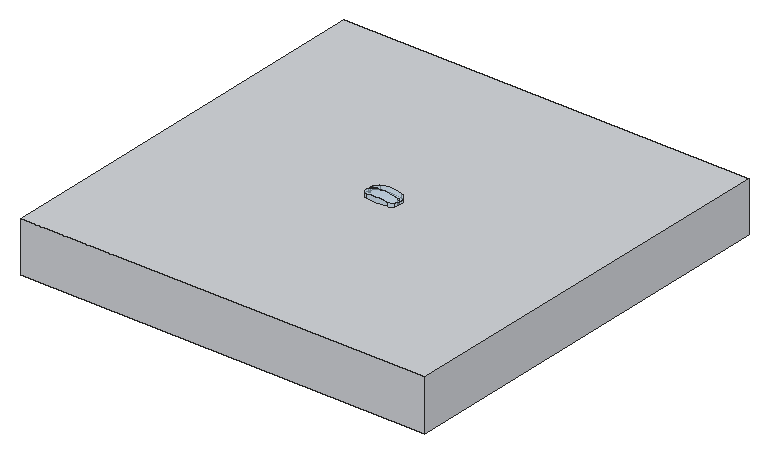
Revit family "GALAD Блистер LED", category Осветительные приборы, Revit 2018 (continued)
Types (3, lengths in mm): name | Файл фотометрической сетки | built-in parameter 1150142 | Материал рассеивателя | Материал корпуса | URL | IP | ADSK_Наименование краткое | ADSK_Наименование | ADSK_Марка | ADSK_Код изделия
    3.52 3.24 2.96 2.82 2.54 2.40 2.25 2.11 1.97 1.83 1.69 1.55 1.69 2.11 2.54 3.10 3.66 3.95 3.95 3.95 3.80 3.66 3.38 1.27 0.14 \r\n287.28 287.14 287.14 285.45 283.34 280.66 277.00 273.05 268.55 263.33 257.98 251.64 244.59 237.41 229.94 221.77 213.17 203.88 194.58 184.43 174.01 163.72 153.01 141.32 129.76 118.63 106.94 95.25 83.97 72.84 62.28 52.55 43.96 36.07 29.02 22.97 17.75 13.24 9.02 7.61 6.48 5.78 5.35 5.07 4.79 4.65 4.37 3.95 3.10 2.68 2.54 2.40 2.25 2.11 1.97 1.83 1.69 1.69 1.55 1.41 1.55 1.97 2.54 3.10 3.52 3.80 3.95 3.95 3.80 3.66 3.38 1.27 0.14 \r\n287.28 287.28 287.14 285.45 283.34 280.52 277.00 273.20 268.41 263.33 257.98 251.36 244.88 237.55 229.80 221.35 213.17 203.59 194.01 184.29 173.86 163.44 152.45 141.04 129.76 118.21 106.52 94.96 83.41 72.28 61.71 52.13 43.40 35.65 28.60 22.40 17.19 12.26 8.45 6.48 5.64 5.07 4.65 4.51 4.37 4.23 3.95 3.52 2.82 2.40 2.25 2.11 1.97 1.83 1.69 1.69 1.55 1.55 1.41 1.27 1.41 1.83 2.40 2.96 3.52 3.95 3.95 3.95 3.80 3.66 3.38 1.27 0.14 \r\n287.28 287.28 287.28 285.59 283.48 280.52 277.00 273.20 268.26 263.33 257.98 251.07 244.73 237.41 229.80 221.06 212.75 203.59 194.01 184.15 174.01 163.16 152.31 140.90 129.76 118.07 106.23 94.68 83.13 72.00 61.57 51.99 43.25 35.51 28.60 22.12 16.91 10.85 6.20 5.92 5.07 4.51 4.23 4.09 3.95 3.80 3.66 3.10 2.54 1.97 1.97 1.83 1.69 1.69 1.55 1.55 1.41 1.41 1.27 1.27 1.41 1.83 2.40 2.96 3.52 3.95 3.95 3.95 3.80 3.66 3.52 1.41 0.14 \r\n287.28 287.43 287.28 285.59 283.48 280.52 277.00 273.34 268.41 263.19 257.98 251.07 244.73 237.27 229.66 221.21 212.47 203.59 194.29 184.01 173.86 163.16 152.17 140.90 129.48 117.93 106.23 94.40 83.13 71.86 61.29 51.71 43.11 35.36 28.60 21.98 16.77 11.41 6.06 5.35 4.51 4.09 3.80 3.66 3.52 3.52 3.38 2.82 2.25 1.83 1.69 1.69 1.55 1.55 1.41 1.41 1.41 1.27 1.27 1.27 1.27 1.83 2.40 2.96 3.66 3.95 4.09 3.95 3.80 3.66 3.52 1.41 0.14 \r\n287.28 287.43 287.43 285.74 283.48 280.52 277.14 273.48 268.55 263.47 257.84 251.36 244.88 237.13 229.66 221.35 212.47 203.59 194.01 184.15 173.72 163.30 152.31 140.75 129.76 118.07 106.38 94.68 83.13 72.14 61.57 51.85 43.11 35.22 28.60 22.26 16.91 12.12 6.76 5.64 4.65 4.09 3.80 3.66 3.52 3.38 3.24 2.82 2.11 1.83 1.69 1.69 1.55 1.55 1.41 1.41 1.41 1.27 1.27 1.13 1.41 1.83 2.40 2.96 3.66 3.95 3.95 3.95 3.80 3.66 3.38 1.41 0.14 \r\n287.28 287.43 287.43 285.74 283.48 280.66 277.14 273.48 268.41 263.47 257.70 251.50 244.88 237.27 229.94 221.77 212.89 204.02 194.29 184.57 174.01 163.58 152.73 141.32 130.05 118.49 106.52 95.10 83.55 72.28 61.85 52.13 43.25 35.51 28.74 22.40 17.19 12.40 7.47 6.06 5.35 4.79 4.37 4.09 3.95 3.80 3.52 3.10 2.40 1.97 1.83 1.69 1.69 1.55 1.55 1.41 1.41 1.27 1.27 1.27 1.41 1.83 2.40 3.10 3.66 3.95 3.95 3.95 3.80 3.66 3.38 1.41 0.14 \r\n287.28 287.57 287.43 285.88 283.48 280.80 277.14 273.34 268.41 263.61 257.84 251.50 245.16 237.55 230.08 222.05 213.32 204.16 194.44 184.43 174.43 163.86 153.15 141.74 130.19 118.77 107.36 95.39 84.11 72.84 62.28 52.69 43.82 36.07 29.02 22.82 17.75 12.40 8.59 7.47 6.20 5.35 4.93 4.65 4.37 4.23 3.95 3.52 2.82 2.25 2.11 1.97 1.83 1.69 1.69 1.55 1.41 1.41 1.27 1.27 1.41 1.83 2.40 3.10 3.66 3.95 3.95 3.95 3.80 3.66 3.38 1.41 0.14 \r\n287.28 287.57 287.43 285.88 283.62 280.80 277.14 273.05 268.69 263.76 257.98 251.64 245.58 237.83 230.22 222.19 213.60 204.16 194.86 185.00 174.85 164.42 153.15 142.30 130.75 119.20 107.64 95.95 84.54 73.41 62.84 53.12 44.24 36.49 29.59 23.39 18.18 13.39 9.86 7.61 6.76 6.06 5.64 5.21 5.07 4.79 4.51 3.80 3.10 2.68 2.54 2.40 2.11 1.97 1.83 1.69 1.69 1.55 1.41 1.41 1.55 1.97 2.54 3.10 3.66 3.95 3.95 3.95 3.80 3.66 3.38 1.41 0.14 \r\n287.28 287.71 287.43 286.02 283.62 280.80 277.14 273.20 268.97 263.90 258.26 252.06 245.58 237.97 230.65 222.61 214.02 204.72 195.28 185.70 175.27 164.71 153.72 142.73 131.60 119.90 108.21 96.65 85.38 74.25 63.68 53.96 45.09 37.20 30.29 24.09 19.02 14.51 10.43 8.59 7.47 6.76 6.34 5.92 5.64 5.35 4.93 4.37 3.52 3.10 2.82 2.68 2.40 2.25 2.11 1.97 1.83 1.69 1.55 1.55 1.69 1.97 2.54 3.10 3.66 3.95 3.95 3.95 3.80 3.66 3.38 1.41 0.14 \r\n287.28 287.71 287.43 286.02 283.48 280.94 277.42 273.48 269.25 264.18 258.40 252.48 245.72 238.25 230.93 222.76 214.30 205.28 195.84 186.26 175.84 165.13 154.42 143.29 131.88 120.61 109.05 97.50 86.09 75.10 64.39 54.81 45.79 37.90 31.00 24.94 19.58 15.36 11.69 9.02 7.89 7.47 7.04 6.62 6.34 5.92 5.49 4.79 3.95 3.66 3.38 3.10 2.82 2.54 2.40 2.11 1.97 1.83 1.69 1.69 1.69 2.11 2.68 3.24 3.66 3.95 3.95 3.95 3.80 3.66 3.38 1.41 0.14 \r\n287.28 287.71 287.43 285.88 283.62 281.09 277.70 273.62 269.39 264.32 258.68 252.62 246.14 238.82 231.49 222.90 214.72 205.71 196.13 186.55 176.40 165.83 155.13 144.14 132.72 121.17 109.76 98.20 86.93 76.08 65.52 55.79 46.92 38.89 31.84 25.78 20.57 16.20 12.54 9.86 8.59 8.17 7.61 7.33 7.04 6.62 6.06 5.35 4.51 4.23 3.80 3.52 3.24 2.96 2.68 2.40 2.11 1.97 1.83 1.69 1.83 2.25 2.68 3.24 3.66 3.95 3.95 3.95 3.80 3.66 3.38 1.41 0.14 \r\n287.28 287.85 287.43 285.88 283.76 281.09 277.85 273.76 269.39 264.46 259.11 252.62 246.43 239.24 231.91 223.46 215.29 206.41 196.83 187.11 176.96 166.54 155.69 144.84 133.57 122.16 110.60 99.19 87.92 76.65 66.36 56.64 47.76 39.73 32.69 26.63 21.28 17.05 13.53 10.71 9.16 8.74 8.45 8.03 7.61 7.19 6.62 5.78 5.07 4.79 4.37 4.09 3.66 3.38 2.96 2.68 2.40 2.11 1.97 1.83 1.97 2.40 2.82 3.38 3.80 3.95 3.95 3.95 3.80 3.52 3.38 1.41 0.14 \r\n287.28 287.85 287.43 285.88 283.90 280.94 277.85 273.90 269.67 264.88 258.97 253.05 246.85 239.38 232.20 224.16 215.43 206.97 197.39 187.95 177.53 167.10 156.39 145.54 134.27 123.00 111.31 99.89 88.48 77.49 67.21 57.63 48.75 40.72 33.67 27.47 22.40 18.03 14.51 11.69 9.86 9.44 9.16 8.88 8.31 7.89 7.33 6.34 5.78 5.35 4.93 4.51 4.09 3.66 3.38 2.96 2.68 2.40 2.11 1.97 2.25 2.54 2.96 3.38 3.80 3.95 3.95 3.95 3.80 3.52 3.38 1.41 0.14 \r\n287.28 287.99 287.43 285.88 283.90 280.94 277.85 273.90 270.10 265.02 259.25 253.47 247.27 239.94 232.62 224.59 216.13 207.26 197.96 188.38 178.23 167.52 157.10 145.97 134.84 123.56 112.15 100.74 89.47 78.48 68.19 58.61 49.74 41.70 34.66 28.46 23.25 18.88 15.36 12.54 10.57 10.00 9.86 9.58 9.16 8.45 7.75 6.90 6.34 5.78 5.35 4.93 4.65 4.23 3.80 3.38 2.96 2.68 2.25 2.25 2.40 2.68 3.10 3.52 3.80 3.95 3.95 3.95 3.80 3.52 3.38 1.41 0.14 \r\n287.28 287.99 287.43 285.88 283.90 281.23 277.99 274.18 270.24 265.16 259.81 253.75 247.55 240.37 232.76 225.01 216.70 207.82 198.66 188.94 178.65 168.37 158.08 146.95 135.54 124.41 112.86 101.59 90.60 79.75 69.32 59.60 50.72 42.83 35.65 29.45 24.23 19.87 16.34 13.53 11.41 10.71 10.43 10.29 9.86 9.16 8.31 7.33 6.76 6.34 5.92 5.49 4.93 4.51 4.09 3.66 3.38 2.96 2.54 2.40 2.54 2.82 3.24 3.66 3.95 3.95 3.95 3.95 3.80 3.52 3.38 1.55 0.14 \r\n287.28 288.13 287.57 285.88 284.04 281.37 278.27 274.46 270.38 265.45 260.09 254.17 247.83 240.65 233.32 225.57 217.12 208.38 199.08 189.22 179.50 169.21 158.37 147.38 136.53 125.11 113.84 102.43 91.30 80.73 70.31 60.58 51.85 43.82 36.63 30.43 25.08 20.71 17.19 14.37 12.26 11.13 10.99 10.99 10.71 10.00 8.88 7.89 7.33 6.90 6.34 5.92 5.35 4.93 4.51 4.09 3.66 3.24 2.82 2.68 2.82 3.10 3.38 3.66 3.95 3.95 3.95 3.95 3.80 3.52 3.38 1.55 0.14 \r\n287.28 288.13 287.57 286.02 284.04 281.65 278.55 274.75 270.38 265.59 260.23 254.32 248.12 241.21 233.60 226.14 217.68 208.81 199.65 190.07 180.06 169.78 159.07 148.36 137.23 126.10 114.55 103.28 92.29 81.44 71.15 61.57 52.84 44.80 37.62 31.42 26.07 21.70 18.18 15.36 13.24 11.69 11.55 11.55 11.41 10.85 9.72 8.59 7.89 7.33 6.76 6.20 5.78 5.21 4.79 4.37 3.95 3.52 3.24 3.10 3.10 3.24 3.52 3.80 3.95 3.95 3.95 3.80 3.66 3.52 3.38 1.55 0.14 \r\n287.28 288.27 287.71 286.16 284.33 281.79 278.69 274.89 270.66 266.01 260.66 254.60 248.68 241.63 234.17 226.42 217.96 209.51 200.21 190.91 180.77 170.48 159.77 148.93 137.80 126.66 115.39 104.12 93.13 82.56 72.28 62.70 53.96 45.79 38.61 32.41 27.05 22.68 19.16 16.20 13.95 12.26 11.69 11.98 11.98 11.41 10.57 9.44 8.45 7.89 7.19 6.62 6.06 5.64 5.07 4.65 4.23 3.80 3.52 3.52 3.52 3.52 3.66 3.80 3.95 4.09 3.95 3.80 3.66 3.52 3.38 1.55 0.14 \r\n287.28 288.27 287.71 286.30 284.47 281.79 278.69 275.03 270.94 266.29 260.94 255.16 248.96 242.06 234.73 226.84 218.67 209.93 200.78 191.34 181.33 171.33 160.62 149.91 138.64 127.51 116.38 105.11 94.12 83.41 73.27 63.68 54.95 46.78 39.73 33.39 28.04 23.67 20.01 17.05 14.79 13.10 12.26 12.40 12.54 11.98 11.27 10.14 9.16 8.17 7.47 6.90 6.48 5.92 5.35 4.93 4.51 4.09 3.95 3.80 3.80 3.80 3.80 3.95 4.09 4.09 3.95 3.80 3.66 3.52 3.38 1.55 0.14 \r\n287.28 288.41 287.71 286.30 284.47 281.93 278.83 275.31 271.22 266.43 261.36 255.72 249.24 242.48 235.15 227.40 219.09 210.36 201.20 191.76 182.04 171.89 161.18 150.48 139.63 128.36 117.22 106.09 95.10 84.40 74.25 64.81 55.94 47.90 40.72 34.38 29.02 24.52 20.85 17.89 15.64 13.81 12.68 12.68 12.82 12.54 11.98 11.13 9.86 8.88 8.03 7.33 6.76 6.20 5.64 5.21 4.65 4.37 4.23 4.23 4.23 4.09 4.09 4.09 4.09 4.09 3.95 3.80 3.66 3.52 3.24 1.55 0.14 \r\n287.28 288.41 287.85 286.44 284.47 281.93 278.97 275.59 271.36 266.71 261.64 255.87 249.67 242.76 235.44 227.97 219.66 211.06 201.90 192.46 182.60 172.46 161.89 151.04 140.33 129.20 117.79 106.66 95.81 85.10 75.10 65.66 56.78 48.89 41.70 35.36 30.01 25.50 21.70 18.74 16.34 14.65 13.39 12.96 13.39 13.24 12.68 11.84 10.57 9.30 8.31 7.61 7.04 6.48 5.92 5.35 4.93 4.65 4.65 4.65 4.65 4.51 4.37 4.23 4.09 4.09 3.95 3.80 3.66 3.52 3.24 1.41 0.14 \r\n287.28 288.55 287.99 286.44 284.61 282.07 279.39 275.87 271.79 267.14 261.78 256.01 249.81 243.33 236.00 228.39 220.22 211.62 202.61 193.31 183.30 172.88 162.45 151.74 141.04 129.76 118.49 107.64 96.94 86.37 76.08 66.64 58.05 50.02 42.83 36.49 31.00 26.49 22.68 19.58 17.19 15.36 13.95 13.24 13.67 13.81 13.24 12.26 11.13 10.00 8.88 8.03 7.33 6.76 6.20 5.64 5.21 5.07 4.93 4.93 4.93 4.79 4.51 4.37 4.23 4.09 3.95 3.80 3.66 3.52 3.24 1.41 0.14 \r\n287.28 288.55 287.99 286.44 284.61 282.21 279.68 276.15 272.07 267.56 262.35 256.85 250.37 244.03 236.70 228.95 220.78 212.47 203.17 193.73 184.01 173.86 163.58 152.73 141.88 130.75 119.62 108.63 97.64 87.21 77.21 67.77 59.04 51.00 43.82 37.48 31.98 27.33 23.39 20.29 17.89 16.06 14.65 13.81 14.09 14.23 13.53 12.68 11.55 10.43 9.16 8.31 7.61 7.04 6.48 5.92 5.64 5.35 5.35 5.35 5.21 5.07 4.79 4.51 4.23 4.09 3.95 3.80 3.66 3.52 3.24 1.41 0.14 \r\n287.28 288.69 288.13 286.58 284.75 282.35 279.82 276.30 272.07 267.84 262.77 257.42 251.07 244.45 237.13 229.38 221.49 213.17 204.02 194.29 184.71 174.57 164.14 153.43 142.59 131.60 120.47 109.48 98.63 88.34 78.34 68.76 60.02 52.13 44.95 38.46 32.97 28.18 24.23 21.13 18.60 16.63 15.22 14.23 13.95 14.23 13.95 13.10 12.12 10.99 9.72 8.59 7.89 7.19 6.62 6.20 5.92 5.78 5.78 5.64 5.49 5.35 5.07 4.65 4.23 4.09 3.95 3.80 3.52 3.38 3.24 1.41 0.14 \r\n287.28 288.69 288.13 286.72 284.89 282.49 279.68 276.44 272.35 267.98 262.91 257.56 251.36 244.73 237.55 230.08 221.77 213.17 204.30 195.00 185.14 175.27 164.99 154.14 143.01 132.16 121.03 109.90 99.05 88.76 78.90 69.46 60.87 52.84 45.65 39.17 33.67 29.02 25.08 21.84 19.30 17.19 15.78 14.65 14.23 14.37 14.09 13.39 12.40 11.27 10.14 8.88 8.03 7.33 6.76 6.48 6.20 6.20 6.06 5.92 5.78 5.64 5.21 4.79 4.37 4.09 3.95 3.66 3.52 3.38 3.10 1.41 0.14 \r\n287.28 288.83 288.27 286.72 285.03 282.64 279.82 276.58 272.77 268.41 263.05 257.56 251.50 245.02 237.83 230.36 222.33 213.88 204.72 195.28 185.70 175.70 165.13 154.56 143.71 132.44 121.45 110.74 100.04 89.61 79.75 70.45 61.85 53.96 46.78 40.30 34.66 30.01 25.92 22.54 20.01 17.89 16.20 15.08 14.37 14.51 14.37 13.53 12.54 11.55 10.29 9.16 8.17 7.61 7.19 6.90 6.62 6.48 6.34 6.20 6.06 5.78 5.35 4.93 4.51 4.09 3.95 3.66 3.52 3.38 3.10 1.41 0.14 \r\n287.28 288.83 288.41 286.86 285.03 282.78 280.10 276.86 273.05 268.55 263.33 257.84 251.78 245.16 238.11 230.65 222.61 214.30 205.28 195.99 186.55 176.26 165.69 155.13 144.42 133.43 122.44 111.73 100.88 90.45 80.59 71.29 62.56 54.53 47.48 41.14 35.51 30.57 26.49 23.11 20.43 18.32 16.77 15.50 14.51 14.37 14.23 13.53 12.54 11.55 10.57 9.44 8.45 7.89 7.47 7.33 7.04 6.90 6.76 6.62 6.34 5.92 5.49 5.07 4.51 4.09 3.95 3.66 3.52 3.38 3.10 1.41 0.14 \r\n287.28 288.83 288.55 286.86 285.17 282.92 280.38 277.00 273.20 268.55 263.61 258.12 252.06 245.72 238.54 230.93 223.32 214.58 205.71 196.41 186.69 176.68 166.40 155.83 144.98 134.27 123.14 112.01 101.44 91.16 81.30 72.14 63.54 55.65 48.47 42.13 36.49 31.56 27.33 23.95 21.13 18.88 17.19 15.78 14.65 14.23 13.95 13.39 12.54 11.69 10.71 9.72 8.74 8.17 7.89 7.61 7.33 7.19 7.04 6.76 6.48 6.06 5.64 5.07 4.51 4.09 3.80 3.66 3.52 3.38 3.10 1.41 0.14 \r\n287.28 288.83 288.69 287.14 285.17 282.92 280.38 277.14 273.20 268.69 263.76 258.26 252.20 246.14 239.24 231.35 223.46 215.15 206.13 196.83 187.25 177.25 167.10 156.68 145.69 134.70 123.71 112.86 102.15 91.86 82.14 72.98 64.39 56.36 49.17 42.69 37.06 32.12 28.04 24.52 21.70 19.44 17.61 15.92 14.51 13.95 13.81 13.39 12.54 11.69 10.85 10.00 9.16 8.59 8.31 8.03 7.75 7.47 7.19 7.04 6.62 6.20 5.78 5.21 4.65 4.09 3.80 3.66 3.52 3.38 2.96 1.27 0.14 \r\n287.28 288.83 288.83 287.28 285.17 282.92 280.38 277.14 273.34 268.97 264.32 258.68 252.62 246.28 239.24 231.77 223.60 215.43 206.69 197.53 187.81 177.81 167.38 156.82 145.97 135.26 124.41 113.56 103.14 92.85 82.99 73.83 65.23 57.34 50.16 43.68 37.90 32.97 28.74 25.08 22.26 19.87 17.89 16.06 14.51 13.53 13.24 12.96 12.40 11.69 10.99 10.29 9.58 9.02 8.59 8.31 8.03 7.75 7.47 7.19 6.76 6.34 5.92 5.21 4.65 4.09 3.80 3.52 3.52 3.38 2.96 1.27 0.14 \r\n287.28 288.83 288.98 287.43 285.45 283.06 280.38 277.14 273.48 269.25 264.60 259.25 253.33 246.85 239.66 232.20 224.16 215.99 207.26 197.96 188.24 178.23 168.09 157.52 146.81 135.96 124.97 114.12 103.42 93.27 83.69 74.39 65.80 57.91 50.72 44.24 38.46 33.53 29.31 25.64 22.68 20.29 18.03 15.92 14.23 13.24 13.24 12.96 12.40 11.69 11.13 10.57 10.00 9.30 8.88 8.59 8.17 7.89 7.47 7.19 6.90 6.48 5.92 5.35 4.65 4.09 3.80 3.52 3.38 3.38 2.96 1.27 0.14 \r\n287.28 288.83 289.12 287.71 285.59 283.20 280.52 277.42 273.62 269.53 264.74 259.11 253.47 246.99 239.94 232.62 224.73 216.41 207.54 198.52 188.80 178.65 168.65 158.08 147.24 136.39 125.68 114.83 104.40 94.26 84.40 75.24 66.64 58.75 51.57 45.09 39.31 34.24 29.87 26.21 23.25 20.71 18.60 16.20 13.95 12.54 12.26 12.40 12.26 11.84 11.41 10.85 10.29 9.58 9.16 8.74 8.45 8.03 7.61 7.33 6.90 6.48 5.92 5.35 4.79 4.23 3.80 3.52 3.38 3.38 2.82 1.27 0.14 \r\n287.28 288.83 289.12 287.85 286.02 283.62 280.80 277.56 273.90 269.67 265.02 259.53 253.47 247.13 240.23 232.76 225.15 216.98 208.10 198.80 189.22 179.50 169.07 158.65 147.94 137.09 126.10 115.39 104.69 94.54 84.82 75.66 67.21 59.32 52.13 45.65 39.87 34.80 30.29 26.63 23.53 20.99 18.88 16.48 13.95 12.26 11.84 12.26 12.40 11.98 11.55 11.13 10.43 9.86 9.30 8.88 8.45 8.03 7.61 7.33 6.90 6.48 6.06 5.49 4.79 4.23 3.66 3.52 3.38 3.38 2.82 1.27 0.14 \r\n287.28 288.83 289.12 287.99 286.16 284.04 280.94 277.70 274.04 269.67 265.02 259.81 254.03 247.69 240.79 233.18 225.43 216.98 208.38 199.23 189.64 179.78 169.78 158.93 148.08 137.51 126.66 115.96 105.39 95.25 85.52 76.37 67.77 60.02 52.69 46.21 40.58 35.36 30.86 27.05 23.95 21.42 19.16 16.63 13.95 12.26 11.41 11.84 12.26 11.98 11.55 11.13 10.71 10.00 9.44 9.02 8.59 8.17 7.75 7.33 6.90 6.62 6.06 5.49 4.79 4.23 3.66 3.52 3.38 3.38 2.68 1.13 0.14 \r\n287.28 288.83 289.12 287.99 286.44 284.33 281.37 277.99 274.32 269.81 264.88 259.81 254.32 247.69 240.79 233.46 225.57 217.26 208.67 199.51 189.93 180.06 170.06 159.49 148.79 137.94 127.09 116.38 105.95 95.67 85.95 76.79 68.47 60.58 53.26 46.78 40.86 35.79 31.28 27.47 24.37 21.84 19.58 17.19 14.23 11.98 10.99 11.41 11.98 11.69 11.13 10.99 10.57 10.00 9.44 9.02 8.59 8.17 7.75 7.33 6.90 6.48 6.06 5.49 4.79 4.23 3.66 3.52 3.38 3.38 2.68 1.13 0.14 \r\n287.28 288.69 289.12 287.99 286.44 284.61 281.65 278.41 274.75 270.24 265.45 260.23 254.32 247.83 241.21 233.89 226.00 217.82 209.09 199.93 190.49 180.63 170.48 160.06 149.21 138.50 127.79 116.94 106.38 96.09 86.51 77.49 68.90 61.01 53.68 47.20 41.56 36.35 31.70 27.76 24.66 21.98 19.44 16.63 13.81 11.55 10.43 10.99 11.69 11.55 11.27 10.99 10.71 10.14 9.44 9.02 8.74 8.17 7.75 7.33 6.90 6.62 6.06 5.49 4.79 4.23 3.66 3.52 3.38 3.38 2.68 1.13 0.14 \r\n287.2
    8 288.69 289.12 287.99 286.44 284.47 281.79 278.83 275.45 271.22 266.29 260.94 254.88 248.12 241.35 234.17 226.28 218.11 209.65 200.35 190.63 180.91 170.76 160.34 149.77 139.06 128.07 117.37 106.80 96.65 86.93 77.63 69.18 61.29 54.24 47.62 41.85 36.63 31.98 28.04 24.80 22.12 19.58 16.77 13.53 11.13 9.44 10.00 11.13 11.27 11.13 10.99 10.71 10.14 9.58 9.02 8.59 8.17 7.75 7.33 6.90 6.62 6.20 5.64 4.93 4.23 3.66 3.38 3.38 3.38 2.54 0.99 0.14 \r\n287.28 288.69 289.12 287.99 286.58 284.47 281.93 279.11 275.73 271.50 266.29 261.08 255.30 249.10 242.20 234.59 226.70 218.53 209.93 200.49 191.19 181.33 170.91 160.34 149.77 139.20 128.36 117.51 107.08 96.94 87.21 78.06 69.60 61.71 54.53 48.05 42.13 36.91 32.26 28.32 24.94 22.40 20.01 16.91 13.10 10.85 9.30 9.86 11.13 11.27 10.99 10.99 10.85 10.14 9.58 9.02 8.74 8.17 7.75 7.33 6.90 6.62 6.20 5.64 4.93 4.23 3.66 3.38 3.38 3.24 2.54 0.99 0.14 \r\n287.28 288.69 289.12 288.13 286.58 284.47 281.93 279.11 275.31 271.08 266.29 261.22 255.30 249.10 242.34 235.01 227.12 218.81 210.07 200.92 191.19 181.33 171.33 160.90 149.91 139.06 128.36 117.51 107.08 96.79 87.07 78.06 69.60 61.71 54.53 47.90 42.13 36.77 32.12 28.32 24.94 22.26 19.87 16.91 13.24 10.71 9.44 9.72 10.71 11.13 10.85 10.85 10.71 10.14 9.58 9.16 8.74 8.31 7.89 7.47 7.04 6.62 6.20 5.64 4.93 4.23 3.66 3.38 3.38 3.24 2.40 0.99 0.14 \r\n287.28 288.69 289.12 288.27 286.72 284.61 282.07 279.11 275.59 271.36 266.57 261.50 255.87 249.38 242.62 235.29 227.55 219.23 210.07 200.92 191.62 182.18 171.89 161.18 150.62 140.05 129.34 118.49 108.07 97.92 88.06 78.90 70.31 62.56 55.23 48.61 42.83 37.48 32.69 28.74 25.36 22.68 20.29 17.19 13.53 10.85 9.72 9.16 10.00 10.85 10.85 10.71 10.71 10.29 9.72 9.16 8.74 8.31 7.89 7.33 7.04 6.62 6.20 5.64 4.93 4.23 3.66 3.38 3.38 3.24 2.40 0.85 0.14 \r\n" | ПММА | ПММА | "https://galad.ru/catalog/indoor/zhkh/blister/galad-blister-led-9-eco-ip30-datchik-zvuka/" | "30" | "GALAD Блистер LED-9 ECO IP30 Датчик звука" | "GALAD Блистер LED-9 ECO IP30 Датчик звука" | "GALAD Блистер LED-9 ECO IP30 Датчик звука" | "16445"
